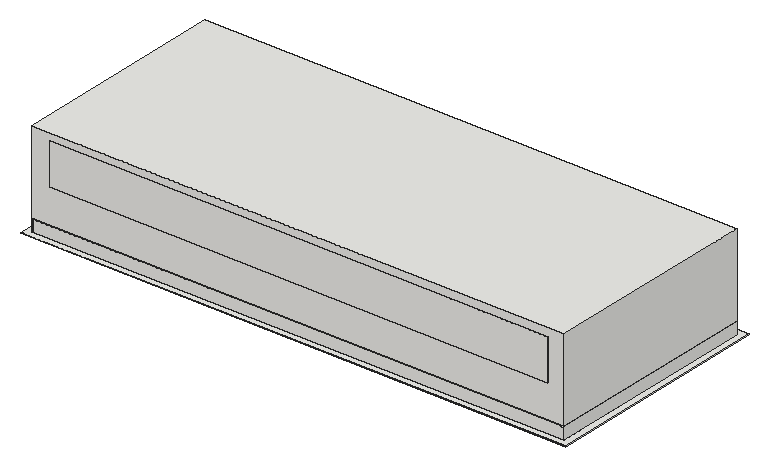
Revit family "AIRTECNICS_AIR CURTAIN_RECESSED WINDBOX BB_ELECTRICAL HEATED (E)_00", category Mechanical Equipment, Revit 2016
Family settings
  Part Type = Normal
  Round Connector Dimension = Use Diameter
  OmniClass Number = 23.75.70.21.17
  OmniClass Title = Air Curtains
  Work Plane-Based = No
  Always vertical = Yes
  Cut with Voids When Loaded = No
  Shared = No
  Room Calculation Point = No
Parameters (values of type "WINDBOX RBB 2000 E")
  · OTHERS · [instance] = "-/ Select Supports - Inst.Maint. Space /-"  # constant formula
  · HEATING · [instance] = "-/ Select Heating /-"  # constant formula
  Weight [instance] = size_lookup(Name_Lookup_Data, "Weight", 1.00 kg, CT)  # 121.00 kg
  Voltage [instance] = 400 V  # constant formula
  URL_Manufacturer = "https://www.airtecnics.com"
  URL_Datasheet = "https://www.airtecnics.com/download/file/5184/recessed-windbox-bb.pdf"
  Supports Length [instance] = 500.0 mm
  Supports (Horizontal) [instance] = no
  Revit Version = "Revit 2016 - English"  # constant formula
  Review Date = "12/18"  # constant formula
  Remote Control = "-"  # constant formula
  Product Size = if(CT = 2, "1000", if(CT = 4, "1500", if(CT = 8, "2000", if(CT = 16, "2500", if(CT = 32, "3000", "Consult Manufacturer")))))  # "2000"
  Product Reference [instance] = size_lookup(Name_Lookup_Ref, "", "Consult Manufacturer", CT)  # "RBB 2000 E"
  Product Heating [instance] = if(CE = 0, "E Standard", if(CE = 2, "E Limited 1/3", if(CE = 4, "E Limited 2/3", "Consult Manufacturer")))  # "E Standard"
  Product Description [instance] = size_lookup(Name_Lookup_Data, "", "Consult Manufacturer", CT)  # "Self-supporting casing construction made of galvanized steel plate, ready to be installed recessed in a false ceiling. \r\nInlet grille (free of maintenance) made with aluminium profiles and blow-out nozzle, integrated in a single white frame colour RAL 9016. Other colours are available on request. \r\nAnodized aluminium outlet vanes, airfoil shaped, adjustable in both directions.\r\nEC Double-inlet centrifugal fans driven by an external rotor motor and low noise level, with very low consumption efficency fans.\r\n“E” type with electrical shielded elements, three stages with integrated regulation. \r\nIncludes Clever control (programmable, automatic, intelligent, energy saving, Modbus RTU for BMS…)\r\nAir Volume: 8040 m3/h \r\nFans:  1,746 kW  7,74 A 230Vx1 50/60Hz\r\nHeating power: 12/30/42 kW (400Vx3)\r\nDimensions: 860x360x2050 mm (depth, height, length)"
  Power Fans Factor [instance] = size_lookup(Name_Lookup_Data, "Power Fans Factor", 1, CT)  # 0.98
  Power Fans [instance] = size_lookup(Name_Lookup_Data, "Power Fans", 1 kW, CT)  # 1.746 kW
  Power Factor [instance] = 1  # constant formula
  Noise Level (dB(A)) [instance] = size_lookup(Name_Lookup_Data, "Noise Level (dB(A))", 1, CT)  # 68
  Name_Lookup_Ref = "R_WINDBOX BB_(E)_Ref_Lookup"  # constant formula
  Name_Lookup_Electrical = "R_WINDBOX BB_(E)_Electrical_Lookup"  # constant formula
  Name_Lookup_Data = "R_WINDBOX BB_(E)_Data_Lookup"  # constant formula
  Material Inlet Grille [instance] = AIRTECNICS_White RAL 9016
  Material Curtain [instance] = AIRTECNICS_White RAL 9016
  Length = if(CT = 2, 1050.0 mm, if(CT = 4, 1550.0 mm, if(CT = 8, 2050.0 mm, if(CT = 16, 2550.0 mm, L + 50.0 mm))))  # 2050.0 mm
  IfcExportType = "ELECTRICHEATINGCOIL"  # constant formula
  IfcExportAs = "IfcCoilType"  # constant formula
  Height = 360.0 mm  # constant formula
  Frequency = 50 Hz  # constant formula
  Fans Stage = 5  # constant formula
  Family Version = "1.0"  # constant formula
  Electrical Heating Capacity (kW) [instance] = size_lookup(Name_Lookup_Electrical, "", "Consult Manufacturer", CT, CE)  # "12/30/42"
  Electrical + Current Fans [instance] = size_lookup(Name_Lookup_Data, "Electrical + Current Fans", 1 A, CT)  # 68.43 A
  E Standard [instance] = if(CE = 0, 1 = 1, 1 = 0)  # yes
  E Limited 2/3 [instance] = no
  E Limited 1/3 [instance] = no
  Depth = 860.0 mm  # constant formula
  Current Fans [instance] = size_lookup(Name_Lookup_Data, "Current Fans", 1 A, CT)  # 7.74 A
  Created by = "BIMETRICAL"  # constant formula
  Control [instance] = "Clever Kit"  # constant formula
  Cable = "CB10"  # constant formula
  URL = "https://www.airtecnics.com/products/air-curtain-recessed-windbox-bb"
  Model = "Air curtain Recesssed Windbox BB E"  # constant formula
  L = 2000.0 mm
  Type Image = <None>
  Manufacturer = "AIRTECNICS"  # constant formula
  Description = ""
  Type Comments = "Self-supporting casing construction made of galvanized steel plate, ready to be installed recessed in a false ceiling. \r\nInlet grille (free of maintenance) made with aluminium profiles and blow-out nozzle, integrated in a single white frame colour RAL 9016. Other colours are available on request. \r\nAnodized aluminium outlet vanes, airfoil shaped, adjustable in both directions.\r\nEC Double-inlet centrifugal fans driven by an external rotor motor and low noise level, with very low consumption efficency fans.\r\n“P” type with water heated coil. “E” type with electrical shielded elements, three stages with integrated regulation. “A” type without heating, air only. Optional expansion DX coil.\r\nIncludes Clever control (programmable, automatic, intelligent, energy saving, Modbus RTU for BMS…)"  # constant formula
  CT = if(L = 1000.0 mm, 2, 0) + if(L = 1500.0 mm, 4, 0) + if(L = 2000.0 mm, 8, 0) + if(L = 2500.0 mm, 16, 0) + if(L = 3000.0 mm, 32, 0)  # 8
  CE [instance] = if([E Limited 1/3], 2, 0) + if([E Limited 2/3], 4, 0)  # 0
  BIMETRICAL Category = "Coil"  # constant formula
  BIMETRICAL = "http://www.bimetrical.com/"  # constant formula
  Aspiration/Maintenance Space [instance] = no
  Airflow [instance] = size_lookup(Name_Lookup_Data, "Airflow", 1 m³/h, CT)  # 8040 m³/h
  3rd Phase [instance] = size_lookup(Name_Lookup_Data, "3rd Phase", 1 VA, CT)  # 14000 VA
  2nd Phase [instance] = size_lookup(Name_Lookup_Data, "2nd Phase", 1 VA, CT)  # 14000 VA
  1st Phase [instance] = size_lookup(Name_Lookup_Data, "1st Phase", 1 VA, CT)  # 15746 VA
Reference planes
  plane 1 "Centro (Frontal/Posterior)": z = 0
  plane 2: y = 246.57
  plane 3 "Centro (Izquierda/Derecha)": x = 0
Nested families
  nested 1: "GEOM_RECESSED WINDBOX BB (A-E)" at (0, 175, 48), L <- "L", Support Length <- "Supports Length", Aspiration/Maintenance Space <- "Aspiration/Maintenance Space", Material Curtain <- "Material Curtain", Material Inlet Grille <- "Material Inlet Grille", ViHS <- "Supports (Horizontal)", CT <- "CT", type "Air curtain Recessed Windbox BB (A-E)"
    with ViHSC no, ViHS no, Vi2 no, Vi1 yes, TI 9, Support Length 500.0 mm, Material Inlet Grille AIRTECNICS_White RAL 9016, Material Curtain AIRTECNICS_White RAL 9016, LiS 810.0 mm, Li6 810.0 mm, Li17 64.5 mm, Li16 10.0 mm, Li15 10.0 mm, L 2000.0 mm, CT 8, Aspiration/Maintenance Space no
Connectors
  electrical at (859, 555.57, 358), driven by "Voltage", driven by "Power Factor", driven by "1st Phase", driven by "2nd Phase", driven by "3rd Phase"
    settings: on nested 1, index 1, voltage 400 V, apparent load 0 VA, apparent load phase1 15746 VA, apparent load phase2 14000 VA, apparent load phase3 14000 VA, power factor 1, load classification "HVAC", number of poles 3, system type 31, power factor state 1, is connector primary yes, connector utility no, sub classification motor no, connector description ""
Definition of nested family "GEOM_RECESSED WINDBOX BB (A-E)"
  Parameters (values of type "Air curtain Recessed Windbox BB (A-E)")
    ViHSC [instance] = if(and(ViHS, L > 1000.0 mm), 1 = 1, 1 = 0)  # no
    Vi2 [instance] = if(L = 2500.0 mm, 1 = 1, 1 = 0)  # yes
    Vi1 [instance] = not(Vi2)  # no
    TI [instance] = if(L = 1000.0 mm, 5, if(L = 1500.0 mm, 7, if(L = 2000.0 mm, 9, if(L = 2500.0 mm, 11, L / 200.0 mm))))  # 11
    Material Outlet Grille = none
    Material II = none
    Material I = none
    Material Inlet Grille [instance] = none
    Material = none
    Li17 [instance] = if(or(CT = 2, CT = 16), 59.5 mm, if(or(CT = 4, CT = 32), 62.0 mm, 64.5 mm))  # 59.5 mm
    Li16 [instance] = 10.0 mm  # constant formula
    Li15 [instance] = 10.0 mm  # constant formula
    CT [instance] = 16
    ViHS [instance] = no
    Support Length [instance] = 500.0 mm
    LiS [instance] = Support Length + 310.0 mm  # 810.0 mm
    Revit Version = "Revit 2016 - English"  # constant formula
    Review Date = "12/18"  # constant formula
    Material Curtain [instance] = none
    Li6 [instance] = Depth  # 810.0 mm
    Family Version = "1.0"  # constant formula
    Depth = 810.0 mm  # constant formula
    Default Elevation = 1219.2 mm
    Created by = "BIMETRICAL"  # constant formula
    URL = "https://www.airtecnics.com/products/air-curtain-recessed-windbox-bb"
    Model = "Air curtain Recessed Windbox BB"  # constant formula
    L [instance] = 2500.0 mm
    Type Image = (empty or 0)
    Manufacturer = "AIRTECNICS"  # constant formula
    Description = "AIRTECNICS_Air curtain Recessed Windbox BB"  # constant formula
    Type Comments = ""
    BIMETRICAL Category = "Fan"  # constant formula
    BIMETRICAL = "http://www.bimetrical.com/"  # constant formula
    Aspiration/Maintenance Space [instance] = no
  Reference planes
    plane 1 "Centro (Frontal/Posterior)": z = 0
    plane 2: y = 226.57
    plane 3 "Centro (Izquierda/Derecha)": x = 0
    plane 4: z = 310
    plane 5: y = 476.57
    plane 6: y = -23.43
    plane 7: x = -1250
    plane 8: x = 1250
    plane 9: x = -1210
    plane 10: x = 1210
    plane 11: y = 442.57
    plane 12: y = 105.57
    plane 13: y = -313.43
    plane 14: y = -333.43
    plane 15: y = 501.57
    plane 16: x = 1275
    plane 17: y = -358.43
    plane 18: z = -48
    plane 19: z = -50
    plane 20: x = 1248
    plane 21: x = -1248
    plane 22: x = -418.5
    plane 23: x = 418.5
    plane 24: x = -1203.5
    plane 25: x = 1203.5
    plane 26: x = -962.8
    plane 27: x = -722.1
    plane 28: x = -481.4
    plane 29: z = -250
    plane 30: y = -331.454
    plane 31: y = -49.53
    plane 32: x = 1335
    plane 33: x = -1425
    plane 34: x = -240.7
    plane 35: x = 0
    plane 36: x = 240.7
    plane 37: x = 481.4
    plane 38: x = 722.1
    plane 39: x = 962.8
    plane 40: x = -1190.5
    plane 41: x = 1190.5
  Forms (mm)
    Extrusion 1, solid, material <- "Material Inlet Grille"
      sketch origin (0, 0, -50) x (1, 0, 0) y (0, 1, 0)
        loop
          line (-1250, 476.57) -> (-1250, -333.43) -> (1250, -333.43) -> (1250, 476.57) -> (-1250, 476.57)
      from 0 to 50
    Extrusion 2, void, detail levels medium+fine
      sketch origin (0, 0, -50) x (1, 0, 0) y (0, 1, 0)
        loop
          line (-1249, 474.57) -> (-1249, 387.47) -> (1249, 387.47) -> (1249, 474.57) -> (-1249, 474.57)
      from 0 to 46
    Extrusion 3, solid, material <- "Material Curtain", not visible
      sketch origin (559.734, 0, 50) x (1, 0, 0) y (0, 1, 0)
        loop
          line (613.266, 405.57) -> (485.266, 405.57) -> (485.266, 355.57) -> (613.266, 355.57) -> (613.266, 405.57)
      from 260 to 259
    Extrusion 4, solid, visible <- "ViHS"
      sketch origin (0, 0, 0) x (1, 0, 0) y (0, 1, 0)
        loop
          circle (-1210, 442.57) r 3.375
      from 310 to 810 <- "LiS"
    Extrusion 5, solid, visible <- "ViHSC"
      sketch origin (1185, 0, 0) x (1, 0, 0) y (0, 1, 0)
        loop
          circle (-1185, 442.57) r 3.375
      from 310 to 810 <- "LiS"
    Extrusion 6, solid, visible <- "ViHS"
      sketch origin (2385, 0, 0) x (1, 0, 0) y (0, 1, 0)
        loop
          circle (-1175, 442.57) r 3.375
      from 310 to 810 <- "LiS"
    Extrusion 7, solid, visible <- "ViHSC"
      sketch origin (1185, -240, 0) x (1, 0, 0) y (0, 1, 0)
        loop
          circle (-1185, 345.57) r 3.375
      from 310 to 810 <- "LiS"
    Extrusion 8, solid, visible <- "ViHS"
      sketch origin (2344.293, -280.483, 0) x (1, 0, 0) y (0, 1, 0)
        loop
          circle (-1134.293, 386.053) r 3.375
      from 310 to 810 <- "LiS"
    Extrusion 9, solid, visible <- "ViHS"
      sketch origin (9.293, -280.483, 0) x (1, 0, 0) y (0, 1, 0)
        loop
          circle (-1219.293, 386.053) r 3.375
      from 310 to 810 <- "LiS"
    Extrusion 10, solid, visible <- "Aspiration/Maintenance Space"
      sketch origin (0, 0, -50) x (1, 0, 0) y (0, 1, 0)
        loop
          line (-1250, 476.57) -> (-1250, -333.43) -> (1250, -333.43) -> (1250, 476.57) -> (-1250, 476.57)
      from 360 to 460
    Extrusion 11, solid, visible <- "Aspiration/Maintenance Space"
      sketch origin (230, 226.57, 5) x (1, 0, 0) y (0, 0, 1)
        loop
          line (1020, 305) -> (1020, -53) -> (1030, -53) -> (1030, 305) -> (1020, 305)
      from -250 to 560
    Extrusion 12, solid, visible <- "Aspiration/Maintenance Space"
      sketch origin (-2520, 226.57, 5) x (1, 0, 0) y (0, 0, 1)
        loop
          line (1260, 305) -> (1260, -53) -> (1270, -53) -> (1270, 305) -> (1260, 305)
      from -250 to 560
    Extrusion 13, solid, visible <- "ViHSC"
      sketch origin (1185, -609, 0) x (1, 0, 0) y (0, 1, 0)
        loop
          circle (-1185, 295.57) r 3.375
      from 310 to 810 <- "LiS"
    Extrusion 14, solid, visible <- "ViHS"
      sketch origin (2344.293, -649.483, 0) x (1, 0, 0) y (0, 1, 0)
        loop
          circle (-1134.293, 336.053) r 3.375
      from 310 to 810 <- "LiS"
    Extrusion 15, solid, visible <- "ViHS"
      sketch origin (9.293, -649.483, 0) x (1, 0, 0) y (0, 1, 0)
        loop
          circle (-1219.293, 336.053) r 3.375
      from 310 to 810 <- "LiS"
    Extrusion 16, solid, material <- "Material Inlet Grille"
      sketch origin (-54.078, -166.435, -50) x (1, 0, 0) y (0, 1, 0)
        loop
          line (-1220.922, -191.996) -> (1329.078, -191.996) -> (1329.078, 668.004) -> (-1220.922, 668.004) -> (-1220.922, -191.996)
        loop
          line (-1195.922, -166.996) -> (1304.078, -166.996) -> (1304.078, 643.004) -> (-1195.922, 643.004) -> (-1195.922, -166.996)
      from 0 to 2
    Sweep 17, void
      path origin (0, 0, -50) x (1, 0, 0) y (0, 1, 0)
        loop
          line (-1250, 476.57) -> (-1250, -333.43) -> (1250, -333.43) -> (1250, 476.57) -> (-1250, 476.57)
      profile origin (0, 476.57, -50) x (0, 1, 0) y (0, 0, 1)
        loop
          line (0, 46) -> (0, 50) -> (-4, 50)
          arc (-4, 50) -> (-1.172, 48.828) -> (0, 46) r 4
    Extrusion 18, solid, material <- "Material Outlet Grille"
      sketch origin (0, 0, 0) x (0, 1, 0) y (0, 0, 1)
        loop
          line (452.413, -27.506) -> (455.591, -46.036)
          arc (455.591, -46.036) -> (457.07, -47.282) -> (458.548, -46.036) r 1.5
          line (458.548, -46.036) -> (461.726, -27.506)
          arc (461.726, -27.506) -> (457.07, -21.982) -> (452.413, -27.506) r 4.725
        loop
          arc (429.342, -46.036) -> (430.82, -47.282) -> (432.299, -46.036) r 1.5
          line (432.299, -46.036) -> (435.477, -27.506)
          arc (435.477, -27.506) -> (430.82, -21.982) -> (426.163, -27.506) r 4.725
          line (426.163, -27.506) -> (429.342, -46.036)
        loop
          arc (409.976, -27.506) -> (405.319, -21.982) -> (400.662, -27.506) r 4.725
          line (400.662, -27.506) -> (403.84, -46.036)
          arc (403.84, -46.036) -> (405.319, -47.282) -> (406.797, -46.036) r 1.5
          line (406.797, -46.036) -> (409.976, -27.506)
      from -1248 to 1248
    Extrusion 19, void, detail levels medium+fine
      sketch origin (0, -484.3, -50) x (1, 0, 0) y (0, 1, 0)
        loop
          line (-1249, 434.77) -> (-1249, 152.846) -> (1249, 152.846) -> (1249, 434.77) -> (-1249, 434.77)
      from 0 to 46
    Extrusion 20, solid, material <- "Material Curtain"
      sketch origin (0, 0, -50) x (1, 0, 0) y (0, 1, 0)
        loop
          line (-1250, 476.57) -> (-1250, -333.43) -> (1250, -333.43) -> (1250, 476.57) -> (-1250, 476.57)
      from 50 to 360
    Extrusion 21, solid, material <- "Material II", visible <- "Vi1"
      sketch origin (0, 0, 0) x (0, 1, 0) y (0, 0, 1)
        loop
          line (474.57, -4) -> (400.57, -4) -> (400.57, -47.504) -> (474.57, -47.504) -> (474.57, -4)
      from -7.5 to 7.5
    Extrusion 22, solid, material <- "Material I"
      sketch origin (1191.816, 0, 0) x (0, 1, 0) y (0, 0, 1)
        loop
          arc (402.126, -44.927) -> (403.13, -46.77) -> (405.096, -47.504) r 3
          line (405.096, -47.504) -> (431.043, -47.504)
          arc (431.043, -47.504) -> (433.022, -46.759) -> (434.017, -44.893) r 3
          line (434.017, -44.893) -> (437.046, -21.725)
          arc (437.046, -21.725) -> (436.086, -18.568) -> (433.08, -17.207) r 4
          line (433.08, -17.207) -> (403.059, -17.207)
          arc (403.059, -17.207) -> (400.04, -18.583) -> (399.098, -21.764) r 4
          line (399.098, -21.764) -> (402.126, -44.927)
      from 53.181 to 56.184
    Extrusion 23, solid, material <- "Material I", visible <- "Vi1"
      sketch origin (-45.681, 0, 0) x (0, 1, 0) y (0, 0, 1)
        loop
          arc (402.126, -44.927) -> (403.13, -46.77) -> (405.096, -47.504) r 3
          line (405.096, -47.504) -> (431.043, -47.504)
          arc (431.043, -47.504) -> (433.022, -46.759) -> (434.017, -44.893) r 3
          line (434.017, -44.893) -> (437.046, -21.725)
          arc (437.046, -21.725) -> (436.086, -18.568) -> (433.08, -17.207) r 4
          line (433.08, -17.207) -> (403.059, -17.207)
          arc (403.059, -17.207) -> (400.04, -18.583) -> (399.098, -21.764) r 4
          line (399.098, -21.764) -> (402.126, -44.927)
      from 53.181 to 56.184
    Extrusion 24, solid, material <- "Material I", visible <- "Vi1"
      sketch origin (-63.684, 0, 0) x (0, 1, 0) y (0, 0, 1)
        loop
          arc (402.126, -44.927) -> (403.13, -46.77) -> (405.096, -47.504) r 3
          line (405.096, -47.504) -> (431.043, -47.504)
          arc (431.043, -47.504) -> (433.022, -46.759) -> (434.017, -44.893) r 3
          line (434.017, -44.893) -> (437.046, -21.725)
          arc (437.046, -21.725) -> (436.086, -18.568) -> (433.08, -17.207) r 4
          line (433.08, -17.207) -> (403.059, -17.207)
          arc (403.059, -17.207) -> (400.04, -18.583) -> (399.098, -21.764) r 4
          line (399.098, -21.764) -> (402.126, -44.927)
      from 53.181 to 56.184
    Extrusion 25, solid, material <- "Material II", visible <- "Vi2", not visible
      sketch origin (0, 0, 0) x (0, 1, 0) y (0, 0, 1)
        loop
          line (474.57, -4) -> (400.57, -4) -> (400.57, -47.504) -> (474.57, -47.504) -> (474.57, -4)
      from -7.5 to 7.5
    Extrusion 26, solid, material <- "Material I", visible <- "Vi2", not visible
      sketch origin (-45.681, 0, 0) x (0, 1, 0) y (0, 0, 1)
        loop
          arc (402.126, -44.927) -> (403.13, -46.77) -> (405.096, -47.504) r 3
          line (405.096, -47.504) -> (431.043, -47.504)
          arc (431.043, -47.504) -> (433.022, -46.759) -> (434.017, -44.893) r 3
          line (434.017, -44.893) -> (437.046, -21.725)
          arc (437.046, -21.725) -> (436.086, -18.568) -> (433.08, -17.207) r 4
          line (433.08, -17.207) -> (403.059, -17.207)
          arc (403.059, -17.207) -> (400.04, -18.583) -> (399.098, -21.764) r 4
          line (399.098, -21.764) -> (402.126, -44.927)
      from 53.181 to 56.184
    Extrusion 27, solid, material <- "Material I", visible <- "Vi2", not visible
      sketch origin (-63.684, 0, 0) x (0, 1, 0) y (0, 0, 1)
        loop
          arc (402.126, -44.927) -> (403.13, -46.77) -> (405.096, -47.504) r 3
          line (405.096, -47.504) -> (431.043, -47.504)
          arc (431.043, -47.504) -> (433.022, -46.759) -> (434.017, -44.893) r 3
          line (434.017, -44.893) -> (437.046, -21.725)
          arc (437.046, -21.725) -> (436.086, -18.568) -> (433.08, -17.207) r 4
          line (433.08, -17.207) -> (403.059, -17.207)
          arc (403.059, -17.207) -> (400.04, -18.583) -> (399.098, -21.764) r 4
          line (399.098, -21.764) -> (402.126, -44.927)
      from 53.181 to 56.184
    Extrusion 28, solid, material <- "Material II", visible <- "Vi2"
      sketch origin (418.5, 0, 0) x (0, 1, 0) y (0, 0, 1)
        loop
          line (474.57, -4) -> (400.57, -4) -> (400.57, -47.504) -> (474.57, -47.504) -> (474.57, -4)
      from -7.5 to 7.5
    Extrusion 29, solid, material <- "Material I", visible <- "Vi2"
      sketch origin (372.819, 0, 0) x (0, 1, 0) y (0, 0, 1)
        loop
          arc (402.126, -44.927) -> (403.13, -46.77) -> (405.096, -47.504) r 3
          line (405.096, -47.504) -> (431.043, -47.504)
          arc (431.043, -47.504) -> (433.022, -46.759) -> (434.017, -44.893) r 3
          line (434.017, -44.893) -> (437.046, -21.725)
          arc (437.046, -21.725) -> (436.086, -18.568) -> (433.08, -17.207) r 4
          line (433.08, -17.207) -> (403.059, -17.207)
          arc (403.059, -17.207) -> (400.04, -18.583) -> (399.098, -21.764) r 4
          line (399.098, -21.764) -> (402.126, -44.927)
      from 53.181 to 56.184
    Extrusion 30, solid, material <- "Material I", visible <- "Vi2"
      sketch origin (354.816, 0, 0) x (0, 1, 0) y (0, 0, 1)
        loop
          arc (402.126, -44.927) -> (403.13, -46.77) -> (405.096, -47.504) r 3
          line (405.096, -47.504) -> (431.043, -47.504)
          arc (431.043, -47.504) -> (433.022, -46.759) -> (434.017, -44.893) r 3
          line (434.017, -44.893) -> (437.046, -21.725)
          arc (437.046, -21.725) -> (436.086, -18.568) -> (433.08, -17.207) r 4
          line (433.08, -17.207) -> (403.059, -17.207)
          arc (403.059, -17.207) -> (400.04, -18.583) -> (399.098, -21.764) r 4
          line (399.098, -21.764) -> (402.126, -44.927)
      from 53.181 to 56.184
    Extrusion 31, solid, visible <- "Vi1", not visible
      sketch origin (1185, 0, 0) x (1, 0, 0) y (0, 1, 0)
        loop
          circle (-1185, 442.57) r 3.375
      from 260 to 810 <- "LiS"
    Extrusion 32, solid, material <- "Material II", visible <- "Vi1", not visible
      sketch origin (0, 0, 0) x (0, 1, 0) y (0, 0, 1)
        loop
          line (474.57, -4) -> (400.57, -4) -> (400.57, -47.504) -> (474.57, -47.504) -> (474.57, -4)
      from -7.5 to 7.5
    Extrusion 33, solid, material <- "Material I", visible <- "Vi1", not visible
      sketch origin (-45.681, 0, 0) x (0, 1, 0) y (0, 0, 1)
        loop
          arc (402.126, -44.927) -> (403.13, -46.77) -> (405.096, -47.504) r 3
          line (405.096, -47.504) -> (431.043, -47.504)
          arc (431.043, -47.504) -> (433.022, -46.759) -> (434.017, -44.893) r 3
          line (434.017, -44.893) -> (437.046, -21.725)
          arc (437.046, -21.725) -> (436.086, -18.568) -> (433.08, -17.207) r 4
          line (433.08, -17.207) -> (403.059, -17.207)
          arc (403.059, -17.207) -> (400.04, -18.583) -> (399.098, -21.764) r 4
          line (399.098, -21.764) -> (402.126, -44.927)
      from 53.181 to 56.184
    Extrusion 34, solid, material <- "Material I", visible <- "Vi1", not visible
      sketch origin (-63.684, 0, 0) x (0, 1, 0) y (0, 0, 1)
        loop
          arc (402.126, -44.927) -> (403.13, -46.77) -> (405.096, -47.504) r 3
          line (405.096, -47.504) -> (431.043, -47.504)
          arc (431.043, -47.504) -> (433.022, -46.759) -> (434.017, -44.893) r 3
          line (434.017, -44.893) -> (437.046, -21.725)
          arc (437.046, -21.725) -> (436.086, -18.568) -> (433.08, -17.207) r 4
          line (433.08, -17.207) -> (403.059, -17.207)
          arc (403.059, -17.207) -> (400.04, -18.583) -> (399.098, -21.764) r 4
          line (399.098, -21.764) -> (402.126, -44.927)
      from 53.181 to 56.184
    Extrusion 35, solid, material <- "Material II", visible <- "Vi2"
      sketch origin (-418.5, 0, 0) x (0, 1, 0) y (0, 0, 1)
        loop
          line (474.57, -4) -> (400.57, -4) -> (400.57, -47.504) -> (474.57, -47.504) -> (474.57, -4)
      from -7.5 to 7.5
    Extrusion 36, solid, material <- "Material I", visible <- "Vi2"
      sketch origin (-464.181, 0, 0) x (0, 1, 0) y (0, 0, 1)
        loop
          arc (402.126, -44.927) -> (403.13, -46.77) -> (405.096, -47.504) r 3
          line (405.096, -47.504) -> (431.043, -47.504)
          arc (431.043, -47.504) -> (433.022, -46.759) -> (434.017, -44.893) r 3
          line (434.017, -44.893) -> (437.046, -21.725)
          arc (437.046, -21.725) -> (436.086, -18.568) -> (433.08, -17.207) r 4
          line (433.08, -17.207) -> (403.059, -17.207)
          arc (403.059, -17.207) -> (400.04, -18.583) -> (399.098, -21.764) r 4
          line (399.098, -21.764) -> (402.126, -44.927)
      from 53.181 to 56.184
    Extrusion 37, solid, material <- "Material I", visible <- "Vi2"
      sketch origin (-482.184, 0, 0) x (0, 1, 0) y (0, 0, 1)
        loop
          arc (402.126, -44.927) -> (403.13, -46.77) -> (405.096, -47.504) r 3
          line (405.096, -47.504) -> (431.043, -47.504)
          arc (431.043, -47.504) -> (433.022, -46.759) -> (434.017, -44.893) r 3
          line (434.017, -44.893) -> (437.046, -21.725)
          arc (437.046, -21.725) -> (436.086, -18.568) -> (433.08, -17.207) r 4
          line (433.08, -17.207) -> (403.059, -17.207)
          arc (403.059, -17.207) -> (400.04, -18.583) -> (399.098, -21.764) r 4
          line (399.098, -21.764) -> (402.126, -44.927)
      from 53.181 to 56.184
    Extrusion 38, solid, material <- "Material Outlet Grille"
      sketch origin (0, -232.43, -85.237) x (1, 0, 0) y (0, 0, 1)
        loop
          circle (-1203.5, 56.137) r 4
      from -220 to 95
    Extrusion 39, solid, material <- "Material Outlet Grille"
      sketch origin (2407, -232.43, -85.237) x (1, 0, 0) y (0, 0, 1)
        loop
          circle (-1203.5, 56.137) r 4
      from -220 to 95
    Extrusion 40, solid, material <- "Material Outlet Grille"
      sketch origin (240.7, -232.43, -85.237) x (1, 0, 0) y (0, 0, 1)
        loop
          circle (-1203.5, 56.137) r 4
      from -220 to 95
    Extrusion 41, solid, material <- "Material Outlet Grille"
      sketch origin (481.4, -232.43, -85.237) x (1, 0, 0) y (0, 0, 1)
        loop
          circle (-1203.5, 56.137) r 4
      from -220 to 95
    Extrusion 42, solid, material <- "Material Outlet Grille"
      sketch origin (722.1, -232.43, -85.237) x (1, 0, 0) y (0, 0, 1)
        loop
          circle (-1203.5, 56.137) r 4
      from -220 to 95
    Extrusion 43, solid, material <- "Material I"
      sketch origin (-1301.181, 0, 0) x (0, 1, 0) y (0, 0, 1)
        loop
          arc (402.126, -44.927) -> (403.13, -46.77) -> (405.096, -47.504) r 3
          line (405.096, -47.504) -> (431.043, -47.504)
          arc (431.043, -47.504) -> (433.022, -46.759) -> (434.017, -44.893) r 3
          line (434.017, -44.893) -> (437.046, -21.725)
          arc (437.046, -21.725) -> (436.086, -18.568) -> (433.08, -17.207) r 4
          line (433.08, -17.207) -> (403.059, -17.207)
          arc (403.059, -17.207) -> (400.04, -18.583) -> (399.098, -21.764) r 4
          line (399.098, -21.764) -> (402.126, -44.927)
      from 53.181 to 56.184
    Extrusion 44, solid, material <- "Material Inlet Grille"
      sketch origin (0, -150, 0) x (0, 1, 0) y (0, 0, 1)
        loop
          line (96.77, -33.656) -> (82.009, -45.189)
          arc (82.009, -45.189) -> (78.063, -47.263) -> (73.64, -47.821) r 12.5
          line (73.64, -47.821) -> (73.57, -49.119)
          arc (73.57, -49.119) -> (78.453, -48.503) -> (82.809, -46.213) r 13.8
          line (82.809, -46.213) -> (97.57, -34.681)
          arc (97.57, -34.681) -> (98.306, -33.772) -> (98.57, -32.632) r 2.6
          line (98.57, -32.632) -> (98.57, -23.9) -> (97.27, -23.9) -> (97.27, -32.632)
          arc (97.27, -32.632) -> (97.138, -33.202) -> (96.77, -33.656) r 1.3
        loop
          line (71.77, -33.656) -> (57.009, -45.189)
          arc (57.009, -45.189) -> (53.063, -47.263) -> (48.64, -47.821) r 12.5
          line (48.64, -47.821) -> (48.57, -49.119)
          arc (48.57, -49.119) -> (53.453, -48.503) -> (57.809, -46.213) r 13.8
          line (57.809, -46.213) -> (72.57, -34.681)
          arc (72.57, -34.681) -> (73.306, -33.772) -> (73.57, -32.632) r 2.6
          line (73.57, -32.632) -> (73.57, -23.9) -> (72.27, -23.9) -> (72.27, -32.632)
          arc (72.27, -32.632) -> (72.138, -33.202) -> (71.77, -33.656) r 1.3
        loop
          line (48.97, -33.656) -> (34.209, -45.189)
          arc (34.209, -45.189) -> (30.263, -47.263) -> (25.84, -47.821) r 12.5
          line (25.84, -47.821) -> (25.77, -49.119)
          arc (25.77, -49.119) -> (30.653, -48.503) -> (35.009, -46.213) r 13.8
          line (35.009, -46.213) -> (49.77, -34.681)
          arc (49.77, -34.681) -> (50.506, -33.772) -> (50.77, -32.632) r 2.6
          line (50.77, -32.632) -> (50.77, -23.9) -> (49.47, -23.9) -> (49.47, -32.632)
          arc (49.47, -32.632) -> (49.338, -33.202) -> (48.97, -33.656) r 1.3
        loop
          line (26.17, -33.656) -> (11.409, -45.189)
          arc (11.409, -45.189) -> (7.463, -47.263) -> (3.04, -47.821) r 12.5
          line (3.04, -47.821) -> (2.97, -49.119)
          arc (2.97, -49.119) -> (7.853, -48.503) -> (12.209, -46.213) r 13.8
          line (12.209, -46.213) -> (26.97, -34.681)
          arc (26.97, -34.681) -> (27.706, -33.772) -> (27.97, -32.632) r 2.6
          line (27.97, -32.632) -> (27.97, -23.9) -> (26.67, -23.9) -> (26.67, -32.632)
          arc (26.67, -32.632) -> (26.538, -33.202) -> (26.17, -33.656) r 1.3
        loop
          line (3.37, -33.656) -> (-11.391, -45.189)
          arc (-11.391, -45.189) -> (-15.337, -47.263) -> (-19.76, -47.821) r 12.5
          line (-19.76, -47.821) -> (-19.83, -49.119)
          arc (-19.83, -49.119) -> (-14.947, -48.503) -> (-10.591, -46.213) r 13.8
          line (-10.591, -46.213) -> (4.17, -34.681)
          arc (4.17, -34.681) -> (4.906, -33.772) -> (5.17, -32.632) r 2.6
          line (5.17, -32.632) -> (5.17, -23.9) -> (3.87, -23.9) -> (3.87, -32.632)
          arc (3.87, -32.632) -> (3.738, -33.202) -> (3.37, -33.656) r 1.3
        loop
          line (-19.43, -33.656) -> (-34.191, -45.189)
          arc (-34.191, -45.189) -> (-38.137, -47.263) -> (-42.56, -47.821) r 12.5
          line (-42.56, -47.821) -> (-42.63, -49.119)
          arc (-42.63, -49.119) -> (-37.747, -48.503) -> (-33.391, -46.213) r 13.8
          line (-33.391, -46.213) -> (-18.63, -34.681)
          arc (-18.63, -34.681) -> (-17.894, -33.772) -> (-17.63, -32.632) r 2.6
          line (-17.63, -32.632) -> (-17.63, -23.9) -> (-18.93, -23.9) -> (-18.93, -32.632)
          arc (-18.93, -32.632) -> (-19.062, -33.202) -> (-19.43, -33.656) r 1.3
        loop
          line (-42.23, -33.656) -> (-56.991, -45.189)
          arc (-56.991, -45.189) -> (-60.937, -47.263) -> (-65.36, -47.821) r 12.5
          line (-65.36, -47.821) -> (-65.43, -49.119)
          arc (-65.43, -49.119) -> (-60.547, -48.503) -> (-56.191, -46.213) r 13.8
          line (-56.191, -46.213) -> (-41.43, -34.681)
          arc (-41.43, -34.681) -> (-40.694, -33.772) -> (-40.43, -32.632) r 2.6
          line (-40.43, -32.632) -> (-40.43, -23.9) -> (-41.73, -23.9) -> (-41.73, -32.632)
          arc (-41.73, -32.632) -> (-41.862, -33.202) -> (-42.23, -33.656) r 1.3
        loop
          line (-65.03, -33.656) -> (-79.791, -45.189)
          arc (-79.791, -45.189) -> (-83.737, -47.263) -> (-88.16, -47.821) r 12.5
          line (-88.16, -47.821) -> (-88.23, -49.119)
          arc (-88.23, -49.119) -> (-83.347, -48.503) -> (-78.991, -46.213) r 13.8
          line (-78.991, -46.213) -> (-64.23, -34.681)
          arc (-64.23, -34.681) -> (-63.494, -33.772) -> (-63.23, -32.632) r 2.6
          line (-63.23, -32.632) -> (-63.23, -23.9) -> (-64.53, -23.9) -> (-64.53, -32.632)
          arc (-64.53, -32.632) -> (-64.662, -33.202) -> (-65.03, -33.656) r 1.3
        loop
          line (-87.83, -33.656) -> (-102.591, -45.189)
          arc (-102.591, -45.189) -> (-106.537, -47.263) -> (-110.96, -47.821) r 12.5
          line (-110.96, -47.821) -> (-111.03, -49.119)
          arc (-111.03, -49.119) -> (-106.147, -48.503) -> (-101.791, -46.213) r 13.8
          line (-101.791, -46.213) -> (-87.03, -34.681)
          arc (-87.03, -34.681) -> (-86.294, -33.772) -> (-86.03, -32.632) r 2.6
          line (-86.03, -32.632) -> (-86.03, -23.9) -> (-87.33, -23.9) -> (-87.33, -32.632)
          arc (-87.33, -32.632) -> (-87.462, -33.202) -> (-87.83, -33.656) r 1.3
        loop
          line (-110.63, -33.656) -> (-125.391, -45.189)
          arc (-125.391, -45.189) -> (-129.337, -47.263) -> (-133.76, -47.821) r 12.5
          line (-133.76, -47.821) -> (-133.83, -49.119)
          arc (-133.83, -49.119) -> (-128.947, -48.503) -> (-124.591, -46.213) r 13.8
          line (-124.591, -46.213) -> (-109.83, -34.681)
          arc (-109.83, -34.681) -> (-109.094, -33.772) -> (-108.83, -32.632) r 2.6
          line (-108.83, -32.632) -> (-108.83, -23.9) -> (-110.13, -23.9) -> (-110.13, -32.632)
          arc (-110.13, -32.632) -> (-110.262, -33.202) -> (-110.63, -33.656) r 1.3
        loop
          line (-133.43, -33.656) -> (-148.191, -45.189)
          arc (-148.191, -45.189) -> (-152.137, -47.263) -> (-156.56, -47.821) r 12.5
          line (-156.56, -47.821) -> (-156.63, -49.119)
          arc (-156.63, -49.119) -> (-151.747, -48.503) -> (-147.391, -46.213) r 13.8
          line (-147.391, -46.213) -> (-132.63, -34.681)
          arc (-132.63, -34.681) -> (-131.894, -33.772) -> (-131.63, -32.632) r 2.6
          line (-131.63, -32.632) -> (-131.63, -23.9) -> (-132.93, -23.9) -> (-132.93, -32.632)
          arc (-132.93, -32.632) -> (-133.062, -33.202) -> (-133.43, -33.656) r 1.3
        loop
          line (-156.23, -33.656) -> (-170.991, -45.189)
          arc (-170.991, -45.189) -> (-174.937, -47.263) -> (-179.36, -47.821) r 12.5
          line (-179.36, -47.821) -> (-179.43, -49.119)
          arc (-179.43, -49.119) -> (-174.547, -48.503) -> (-170.191, -46.213) r 13.8
          line (-170.191, -46.213) -> (-155.43, -34.681)
          arc (-155.43, -34.681) -> (-154.694, -33.772) -> (-154.43, -32.632) r 2.6
          line (-154.43, -32.632) -> (-154.43, -23.9) -> (-155.73, -23.9) -> (-155.73, -32.632)
          arc (-155.73, -32.632) -> (-155.862, -33.202) -> (-156.23, -33.656) r 1.3
      from -1248 to 1248
    Extrusion 45, solid, visible <- "Aspiration/Maintenance Space"
      sketch origin (0, 0, -590) x (1, 0, 0) y (0, 1, 0)
        loop
          line (-1248, -49.53) -> (-1248, -331.454) -> (1248, -331.454) -> (1248, -49.53) -> (-1248, -49.53)
      from 340 to 540
    Extrusion 46, solid, material <- "Material Outlet Grille"
      sketch origin (962.8, -232.43, -85.237) x (1, 0, 0) y (0, 0, 1)
        loop
          circle (-1203.5, 56.137) r 4
      from -220 to 95
    Extrusion 47, solid, material <- "Material Outlet Grille"
      sketch origin (1203.5, -232.43, -85.237) x (1, 0, 0) y (0, 0, 1)
        loop
          circle (-1203.5, 56.137) r 4
      from -220 to 95
    Extrusion 48, solid, material <- "Material Outlet Grille"
      sketch origin (1444.2, -232.43, -85.237) x (1, 0, 0) y (0, 0, 1)
        loop
          circle (-1203.5, 56.137) r 4
      from -220 to 95
    Extrusion 49, solid, material <- "Material Outlet Grille"
      sketch origin (1684.9, -232.43, -85.237) x (1, 0, 0) y (0, 0, 1)
        loop
          circle (-1203.5, 56.137) r 4
      from -220 to 95
    Extrusion 50, solid, material <- "Material Outlet Grille"
      sketch origin (1925.6, -232.43, -85.237) x (1, 0, 0) y (0, 0, 1)
        loop
          circle (-1203.5, 56.137) r 4
      from -220 to 95
    Extrusion 51, solid, material <- "Material Outlet Grille"
      sketch origin (2166.3, -232.43, -85.237) x (1, 0, 0) y (0, 0, 1)
        loop
          circle (-1203.5, 56.137) r 4
      from -220 to 95
    Extrusion 52, solid, material <- "Material"
      sketch origin (0.072, 226.541, 5) x (1, 0, 0) y (0, 0, 1)
        loop
          line (-1190.572, 275) -> (-1190.572, 120) -> (1190.428, 120) -> (1190.428, 275) -> (-1190.572, 275)
      from 559.2 to 560.1
    Extrusion 53, solid, visible <- "Aspiration/Maintenance Space"
      sketch origin (0.072, 226.541, -45) x (1, 0, 0) y (0, 0, 1)
        loop
          line (-1190.572, 325) -> (-1190.572, 170) -> (1190.428, 170) -> (1190.428, 325) -> (-1190.572, 325)
      from 560.1 to 760.1
  Cuts and joins
    Extrusion 2, Sweep 17, Extrusion 19 cuts Extrusion 1
    Extrusion 19 cuts Extrusion 16
    joined: Extrusion 1, Extrusion 16
  Dimensions and locks
    locked: plane 4 to plane 1 "Centro (Frontal/Posterior)" at 310
    equal spacing: plane 7, plane 3 "Centro (Izquierda/Derecha)", plane 8
    equal spacing: plane 5, plane 2, plane 6
    "L": plane 7 to plane 8
    plane 5 to plane 6 = 500.0 mm
    plane 1 "Centro (Frontal/Posterior)" to cut or joined group of Extrusion 1, Extrusion 2, Extrusion 16, Sweep 17, Extrusion 19 = 4.0 mm
    locked: plane 7 to plane 9 at 40
    locked: plane 10 to plane 8 at 40
    plane 5 to Extrusion 2 sketch curve = 2.0 mm
    Extrusion 2 sketch curve to plane 8 = 1.0 mm
    plane 7 to Extrusion 2 sketch curve = 1.0 mm
    "Li6": plane 5 to Extrusion 1 sketch curve
    Extrusion 3 sketch curve to plane 8 = 77.0 mm
    plane 5 to Extrusion 3 sketch curve = 71.0 mm
    Extrusion 3 sketch curve to Extrusion 3 sketch curve = 50.0 mm
    Extrusion 3 sketch curve to Extrusion 3 sketch curve = 128.0 mm
    locked: plane 5 to plane 11 at 34
    plane 5 to Extrusion 10 sketch curve = 810.0 mm
    locked: Extrusion 10 to plane 4 at 100
    Extrusion 11 sketch curve to Extrusion 11 sketch curve = 358.0 mm
    Extrusion 12 sketch curve to Extrusion 12 sketch curve = 358.0 mm
    "Li16": Extrusion 12 to Extrusion 12
    "Depth": plane 5 to Extrusion 11
    "Depth": plane 5 to Extrusion 12
    locked: plane 12 to plane 13 at 419
    locked: plane 6 to plane 14 at 310
    locked: plane 15 to plane 5 at 25
    locked: plane 8 to plane 16 at 25
    locked: plane 14 to plane 17 at 25
    locked: plane 18 to plane 19 at 2
    locked: plane 18 to plane 1 "Centro (Frontal/Posterior)" at 48
    locked: Extrusion 18 to plane 19 at 3.964
    locked: plane 15 to Extrusion 18 at 97.729
    locked: plane 20 to plane 8 at 2
    locked: plane 7 to plane 21 at 2
    locked: Extrusion 22 to plane 20 at 3.003
    equal spacing: Extrusion 21, plane 3 "Centro (Izquierda/Derecha)", Extrusion 21
    equal spacing: plane 22, plane 3 "Centro (Izquierda/Derecha)", plane 23
    locked: plane 22 to plane 3 "Centro (Izquierda/Derecha)" at 418.5
    locked: plane 22 to Extrusion 35 at 7.5
    locked: plane 23 to Extrusion 28 at 7.5
    equal spacing: group 5, group 7, group 8, group 9, group 10, group 11, group 12, group 13, group 14, group 15, group 6  (x3)
    locked: plane 25 to plane 16 at 71.5
    locked: plane 21 to Extrusion 43 at 3.003
    plane 19 to plane 29 = 200.0 mm
    locked: plane 31 to plane 6 at 26.1
    locked: plane 14 to plane 30 at 1.976
    "Li15": plane 8 to Extrusion 11
    locked: plane 24 to plane 7 at 46.5
    locked: plane 11 to plane 12 at 337
    locked: Extrusion 53 to Extrusion 53 at 200
    Extrusion 52 sketch curve to Extrusion 52 sketch curve to plane 4 = 155.0 mm locked, 30.0 mm locked
    Extrusion 53 sketch curve to Extrusion 53 sketch curve to plane 4 = 155.0 mm locked, 30.0 mm locked
    "Li17": plane 40 to plane 7
    "Li17": plane 8 to plane 41
    radius of Extrusion 4 sketch curve = 3.375 mm
    radius of Extrusion 5 sketch curve = 3.375 mm
    radius of Extrusion 6 sketch curve = 3.375 mm
    radius of Extrusion 7 sketch curve = 3.375 mm
    radius of Extrusion 8 sketch curve = 3.375 mm
    radius of Extrusion 9 sketch curve = 3.375 mm
    radius of Extrusion 13 sketch curve = 3.375 mm
    radius of Extrusion 14 sketch curve = 3.375 mm
    radius of Extrusion 15 sketch curve = 3.375 mm
    radius of Sweep 17 sketch curve = 4.0 mm
    radius of Extrusion 31 sketch curve = 3.375 mm
    radius of Extrusion 38 sketch curve = 4.0 mm
    radius of Extrusion 39 sketch curve = 4.0 mm
    radius of Extrusion 40 sketch curve = 4.0 mm
    radius of Extrusion 41 sketch curve = 4.0 mm
    radius of Extrusion 42 sketch curve = 4.0 mm
    radius of Extrusion 46 sketch curve = 4.0 mm
    radius of Extrusion 47 sketch curve = 4.0 mm
    radius of Extrusion 48 sketch curve = 4.0 mm
    radius of Extrusion 49 sketch curve = 4.0 mm
    radius of Extrusion 50 sketch curve = 4.0 mm
    radius of Extrusion 51 sketch curve = 4.0 mm
    aligned and locked: Extrusion 1 sketch curve to plane 5
    aligned and locked: plane 7 to Extrusion 1 sketch curve
    aligned and locked: plane 8 to Extrusion 1 sketch curve
    aligned and locked: Extrusion 4 to plane 4
    aligned and locked: plane 9 to Extrusion 4 sketch curve
    aligned and locked: plane 10 to Extrusion 6 sketch curve
    aligned and locked: plane 11 to Extrusion 6 sketch curve
    aligned and locked: plane 9 to Extrusion 9 sketch curve
    aligned and locked: plane 12 to Extrusion 9 sketch curve
    aligned and locked: plane 12 to Extrusion 7 sketch curve
    aligned and locked: plane 10 to Extrusion 8 sketch curve
    aligned and locked: plane 12 to Extrusion 8 sketch curve
    aligned and locked: Extrusion 6 to plane 4
    aligned and locked: Extrusion 8 to plane 4
    aligned and locked: Extrusion 5 to plane 4
    aligned and locked: Extrusion 7 to plane 4
    aligned and locked: Extrusion 9 to plane 4
    aligned and locked: Extrusion 10 sketch curve to plane 5
    aligned and locked: plane 7 to Extrusion 10 sketch curve
    aligned and locked: plane 8 to Extrusion 10 sketch curve
    aligned and locked: Extrusion 10 to plane 4
    aligned and locked: plane 4 to Extrusion 11
    aligned and locked: plane 8 to Extrusion 11
    aligned and locked: plane 5 to Extrusion 11
    aligned and locked: plane 4 to Extrusion 12
    aligned and locked: plane 7 to Extrusion 12
    aligned and locked: plane 5 to Extrusion 12
    aligned and locked: plane 13 to Extrusion 14 sketch curve
    aligned and locked: plane 10 to Extrusion 14 sketch curve
    aligned and locked: plane 13 to Extrusion 13 sketch curve
    aligned and locked: plane 3 "Centro (Izquierda/Derecha)" to Extrusion 13 sketch curve
    aligned and locked: plane 9 to Extrusion 15 sketch curve
    aligned and locked: plane 13 to Extrusion 15 sketch curve
    aligned and locked: Extrusion 14 to plane 4
    aligned and locked: Extrusion 13 to plane 4
    aligned and locked: Extrusion 15 to plane 4
    aligned and locked: Extrusion 10 to plane 14
    aligned and locked: cut or joined group of Extrusion 1, Extrusion 2, Extrusion 16, Sweep 17, Extrusion 19 to plane 14
    aligned and locked: Extrusion 16 sketch curve to plane 17
    aligned and locked: plane 15 to Extrusion 16 sketch curve
    aligned and locked: Extrusion 16 sketch curve to plane 16
    aligned and locked: Extrusion 16 sketch curve to plane 8
    aligned and locked: plane 5 to Extrusion 16 sketch curve
    aligned and locked: Extrusion 16 sketch curve to plane 14
    aligned and locked: Extrusion 16 sketch curve to plane 7
    aligned and locked: plane 18 to Extrusion 16
    aligned and locked: Extrusion 12 to plane 18
    aligned and locked: Extrusion 11 to plane 18
    aligned and locked: level to plane 19
    aligned and locked: cut or joined group of Extrusion 1, Extrusion 2, Extrusion 16, Sweep 17, Extrusion 19 to level
    aligned and locked: cut or joined group of Extrusion 1, Extrusion 2, Extrusion 16, Sweep 17, Extrusion 19 to plane 19
    aligned and locked: plane 7 to Sweep 17 sketch curve
    aligned and locked: plane 14 to Sweep 17 sketch curve
    aligned and locked: Sweep 17 sketch curve to plane 5  (x2)
    aligned and locked: plane 8 to Sweep 17 sketch curve
    aligned and locked: plane 1 "Centro (Frontal/Posterior)" to Sweep 17 sketch curve
    aligned and locked: Extrusion 18 to plane 20
    aligned and locked: Extrusion 18 to plane 21
    aligned and locked: cut or joined group of Extrusion 1, Extrusion 2, Extrusion 16, Sweep 17, Extrusion 19 to plane 1 "Centro (Frontal/Posterior)"
    aligned and locked: plane 8 to Extrusion 20 sketch curve
    aligned and locked: Extrusion 20 sketch curve to plane 5
    aligned and locked: plane 7 to Extrusion 20 sketch curve
    aligned and locked: plane 14 to Extrusion 20 sketch curve
    aligned and locked: plane 4 to Extrusion 20
    aligned and locked: plane 1 "Centro (Frontal/Posterior)" to Extrusion 20
    aligned and locked: Extrusion 22 to plane 20
    aligned and locked: plane 24 to Extrusion 38 sketch curve
    aligned and locked: plane 25 to Extrusion 39 sketch curve
    aligned and locked: plane 26 to Extrusion 40 sketch curve
    aligned and locked: plane 27 to Extrusion 41 sketch curve
    aligned and locked: plane 28 to Extrusion 42 sketch curve
    aligned and locked: Extrusion 43 to plane 21
    aligned and locked: Extrusion 44 to plane 20
    aligned and locked: Extrusion 44 to plane 21
    aligned and locked: plane 19 to Extrusion 45
    aligned and locked: Extrusion 45 to plane 29
    aligned and locked: Extrusion 45 to cut or joined group of Extrusion 1, Extrusion 2, Extrusion 16, Sweep 17, Extrusion 19
    aligned and locked: Extrusion 45 to plane 21
    aligned and locked: Extrusion 45 to plane 20
    aligned and locked: plane 31 to cut or joined group of Extrusion 1, Extrusion 2, Extrusion 16, Sweep 17, Extrusion 19
    aligned and locked: plane 30 to Extrusion 19 sketch curve
    aligned and locked: Extrusion 19 sketch curve to plane 31
    aligned and locked: plane 34 to Extrusion 46 sketch curve
    aligned and locked: plane 35 to Extrusion 47 sketch curve
    aligned and locked: plane 36 to Extrusion 48 sketch curve
    aligned and locked: plane 37 to Extrusion 49 sketch curve
    aligned and locked: plane 38 to Extrusion 50 sketch curve
    aligned and locked: plane 39 to Extrusion 51 sketch curve
    aligned and locked: Extrusion 53 to Extrusion 52
    aligned and locked: Extrusion 52 to plane 40
    aligned and locked: Extrusion 53 to plane 40
    aligned and locked: plane 41 to Extrusion 52
    aligned and locked: plane 41 to Extrusion 53
  Automatic sketch dimensions
    Extrusion 26 sketch curve to Extrusion 26 sketch curve = 3.028 mm
    Extrusion 26 sketch curve to Extrusion 26 sketch curve = 3.961 mm
    Extrusion 26 sketch curve to Extrusion 26 sketch curve = 2.97 mm
    Extrusion 26 sketch curve to Extrusion 26 sketch curve = 2.975 mm
    Extrusion 26 sketch curve to Extrusion 26 sketch curve = 0.557 mm
    Extrusion 26 sketch curve to Extrusion 26 sketch curve = 4.0 mm
    Extrusion 26 sketch curve to Extrusion 26 sketch curve = 3.966 mm
    Extrusion 26 sketch curve to Extrusion 26 sketch curve = 0.0 mm  (x2)
    Extrusion 27 sketch curve to Extrusion 27 sketch curve = 3.028 mm
    Extrusion 27 sketch curve to Extrusion 27 sketch curve = 3.961 mm
    Extrusion 27 sketch curve to Extrusion 27 sketch curve = 2.97 mm
    Extrusion 27 sketch curve to Extrusion 27 sketch curve = 2.975 mm
    Extrusion 27 sketch curve to Extrusion 27 sketch curve = 0.557 mm
    Extrusion 27 sketch curve to Extrusion 27 sketch curve = 4.0 mm
    Extrusion 27 sketch curve to Extrusion 27 sketch curve = 3.966 mm
    Extrusion 27 sketch curve to Extrusion 27 sketch curve = 0.0 mm  (x2)
    Extrusion 26 sketch curve to Extrusion 26 sketch curve = 25.946 mm
    Extrusion 26 sketch curve to Extrusion 26 sketch curve = 2.037 mm
    Extrusion 26 sketch curve to Extrusion 26 sketch curve = 2.578 mm
    Extrusion 26 sketch curve to Extrusion 26 sketch curve = 2.611 mm
    Extrusion 26 sketch curve to Extrusion 26 sketch curve = 23.162 mm
    Extrusion 27 sketch curve to Extrusion 27 sketch curve = 25.946 mm
    Extrusion 27 sketch curve to Extrusion 27 sketch curve = 2.037 mm
    Extrusion 27 sketch curve to Extrusion 27 sketch curve = 2.578 mm
    Extrusion 27 sketch curve to Extrusion 27 sketch curve = 2.611 mm
    Extrusion 27 sketch curve to Extrusion 27 sketch curve = 23.162 mm
    Extrusion 29 sketch curve to Extrusion 29 sketch curve = 3.028 mm
    Extrusion 29 sketch curve to Extrusion 29 sketch curve = 3.961 mm
    Extrusion 29 sketch curve to Extrusion 29 sketch curve = 2.97 mm
    Extrusion 29 sketch curve to Extrusion 29 sketch curve = 2.975 mm
    Extrusion 29 sketch curve to Extrusion 29 sketch curve = 0.557 mm
    Extrusion 29 sketch curve to Extrusion 29 sketch curve = 4.0 mm
    Extrusion 29 sketch curve to Extrusion 29 sketch curve = 3.966 mm
    Extrusion 29 sketch curve to Extrusion 29 sketch curve = 0.0 mm  (x2)
    Extrusion 30 sketch curve to Extrusion 30 sketch curve = 3.028 mm
    Extrusion 30 sketch curve to Extrusion 30 sketch curve = 3.961 mm
    Extrusion 30 sketch curve to Extrusion 30 sketch curve = 2.97 mm
    Extrusion 30 sketch curve to Extrusion 30 sketch curve = 2.975 mm
    Extrusion 30 sketch curve to Extrusion 30 sketch curve = 0.557 mm
    Extrusion 30 sketch curve to Extrusion 30 sketch curve = 4.0 mm
    Extrusion 30 sketch curve to Extrusion 30 sketch curve = 3.966 mm
    Extrusion 30 sketch curve to Extrusion 30 sketch curve = 0.0 mm  (x2)
    Extrusion 29 sketch curve to Extrusion 29 sketch curve = 25.946 mm
    Extrusion 29 sketch curve to Extrusion 29 sketch curve = 2.037 mm
    Extrusion 29 sketch curve to Extrusion 29 sketch curve = 2.578 mm
    Extrusion 29 sketch curve to Extrusion 29 sketch curve = 2.611 mm
    Extrusion 29 sketch curve to Extrusion 29 sketch curve = 23.162 mm
    Extrusion 30 sketch curve to Extrusion 30 sketch curve = 25.946 mm
    Extrusion 30 sketch curve to Extrusion 30 sketch curve = 2.037 mm
    Extrusion 30 sketch curve to Extrusion 30 sketch curve = 2.578 mm
    Extrusion 30 sketch curve to Extrusion 30 sketch curve = 2.611 mm
    Extrusion 30 sketch curve to Extrusion 30 sketch curve = 23.162 mm
    Extrusion 33 sketch curve to Extrusion 33 sketch curve = 3.028 mm
    Extrusion 33 sketch curve to Extrusion 33 sketch curve = 3.961 mm
    Extrusion 33 sketch curve to Extrusion 33 sketch curve = 2.97 mm
    Extrusion 33 sketch curve to Extrusion 33 sketch curve = 2.975 mm
    Extrusion 33 sketch curve to Extrusion 33 sketch curve = 0.557 mm
    Extrusion 33 sketch curve to Extrusion 33 sketch curve = 4.0 mm
    Extrusion 33 sketch curve to Extrusion 33 sketch curve = 3.966 mm
    Extrusion 33 sketch curve to Extrusion 33 sketch curve = 0.0 mm  (x2)
    Extrusion 34 sketch curve to Extrusion 34 sketch curve = 3.028 mm
    Extrusion 34 sketch curve to Extrusion 34 sketch curve = 3.961 mm
    Extrusion 34 sketch curve to Extrusion 34 sketch curve = 2.97 mm
    Extrusion 34 sketch curve to Extrusion 34 sketch curve = 2.975 mm
    Extrusion 34 sketch curve to Extrusion 34 sketch curve = 0.557 mm
    Extrusion 34 sketch curve to Extrusion 34 sketch curve = 4.0 mm
    Extrusion 34 sketch curve to Extrusion 34 sketch curve = 3.966 mm
    Extrusion 34 sketch curve to Extrusion 34 sketch curve = 0.0 mm  (x2)
    Extrusion 33 sketch curve to Extrusion 33 sketch curve = 25.946 mm
    Extrusion 33 sketch curve to Extrusion 33 sketch curve = 2.037 mm
    Extrusion 33 sketch curve to Extrusion 33 sketch curve = 2.578 mm
    Extrusion 33 sketch curve to Extrusion 33 sketch curve = 2.611 mm
    Extrusion 33 sketch curve to Extrusion 33 sketch curve = 23.162 mm
    Extrusion 34 sketch curve to Extrusion 34 sketch curve = 25.946 mm
    Extrusion 34 sketch curve to Extrusion 34 sketch curve = 2.037 mm
    Extrusion 34 sketch curve to Extrusion 34 sketch curve = 2.578 mm
    Extrusion 34 sketch curve to Extrusion 34 sketch curve = 2.611 mm
    Extrusion 34 sketch curve to Extrusion 34 sketch curve = 23.162 mm
    Extrusion 32 sketch curve to Extrusion 32 sketch curve = 74.0 mm
    Extrusion 32 sketch curve to Extrusion 32 sketch curve = 43.504 mm
    Extrusion 36 sketch curve to Extrusion 36 sketch curve = 3.028 mm
    Extrusion 36 sketch curve to Extrusion 36 sketch curve = 3.961 mm
    Extrusion 36 sketch curve to Extrusion 36 sketch curve = 2.97 mm
    Extrusion 36 sketch curve to Extrusion 36 sketch curve = 2.975 mm
    Extrusion 36 sketch curve to Extrusion 36 sketch curve = 0.557 mm
    Extrusion 36 sketch curve to Extrusion 36 sketch curve = 4.0 mm
    Extrusion 36 sketch curve to Extrusion 36 sketch curve = 3.966 mm
    Extrusion 36 sketch curve to Extrusion 36 sketch curve = 0.0 mm  (x2)
    Extrusion 37 sketch curve to Extrusion 37 sketch curve = 3.028 mm
    Extrusion 37 sketch curve to Extrusion 37 sketch curve = 3.961 mm
    Extrusion 37 sketch curve to Extrusion 37 sketch curve = 2.97 mm
    Extrusion 37 sketch curve to Extrusion 37 sketch curve = 2.975 mm
    Extrusion 37 sketch curve to Extrusion 37 sketch curve = 0.557 mm
    Extrusion 37 sketch curve to Extrusion 37 sketch curve = 4.0 mm
    Extrusion 37 sketch curve to Extrusion 37 sketch curve = 3.966 mm
    Extrusion 37 sketch curve to Extrusion 37 sketch curve = 0.0 mm  (x2)
    Extrusion 36 sketch curve to Extrusion 36 sketch curve = 25.946 mm
    Extrusion 36 sketch curve to Extrusion 36 sketch curve = 2.037 mm
    Extrusion 36 sketch curve to Extrusion 36 sketch curve = 2.578 mm
    Extrusion 36 sketch curve to Extrusion 36 sketch curve = 2.611 mm
    Extrusion 36 sketch curve to Extrusion 36 sketch curve = 23.162 mm
    Extrusion 37 sketch curve to Extrusion 37 sketch curve = 25.946 mm
    Extrusion 37 sketch curve to Extrusion 37 sketch curve = 2.037 mm
    Extrusion 37 sketch curve to Extrusion 37 sketch curve = 2.578 mm
    Extrusion 37 sketch curve to Extrusion 37 sketch curve = 2.611 mm
    Extrusion 37 sketch curve to Extrusion 37 sketch curve = 23.162 mm
    Extrusion 35 sketch curve to Extrusion 35 sketch curve = 74.0 mm
    Extrusion 35 sketch curve to Extrusion 35 sketch curve = 43.504 mm
    Extrusion 25 sketch curve to Extrusion 25 sketch curve = 74.0 mm
    Extrusion 25 sketch curve to Extrusion 25 sketch curve = 43.504 mm
    Extrusion 28 sketch curve to Extrusion 28 sketch curve = 74.0 mm
    Extrusion 28 sketch curve to Extrusion 28 sketch curve = 43.504 mm
    Extrusion 4 sketch curve to plane 11 = 0.0 mm
    Extrusion 2 sketch curve to plane 11 = 55.1 mm
    Extrusion 5 sketch curve to plane 3 "Centro (Izquierda/Derecha)" = 0.0 mm
    Extrusion 5 sketch curve to plane 11 = 0.0 mm
    Extrusion 7 sketch curve to plane 3 "Centro (Izquierda/Derecha)" = 0.0 mm
    plane 8 to Extrusion 11 sketch curve = 0.0 mm
    Extrusion 11 sketch curve to plane 18 = 0.0 mm
    Extrusion 11 sketch curve to plane 4 = 0.0 mm
    Extrusion 11 sketch curve to plane 8 = 10.0 mm
    Extrusion 12 sketch curve to plane 18 = 0.0 mm
    Extrusion 12 sketch curve to plane 4 = 0.0 mm
    Extrusion 12 sketch curve to plane 7 = 0.0 mm
    Extrusion 12 sketch curve to plane 7 = 10.0 mm
    Extrusion 16 sketch curve to plane 7 = 25.0 mm
    Sweep 17 sketch curve to profile plane = 0.0 mm
    Sweep 17 sketch curve to Sweep 17 sketch curve = 0.0 mm  (x2)
    plane 18 to Extrusion 18 sketch curve = 20.494 mm  (x2)
    Extrusion 18 sketch curve to plane 11 = 41.908 mm
    plane 18 to Extrusion 18 sketch curve = 1.964 mm  (x6)
    Extrusion 18 sketch curve to Extrusion 18 sketch curve = 3.179 mm
    Extrusion 18 sketch curve to Extrusion 18 sketch curve = 1.478 mm  (x3)
    Extrusion 18 sketch curve to Extrusion 18 sketch curve = 4.657 mm  (x5)
    Extrusion 18 sketch curve to Extrusion 18 sketch curve = 16.188 mm
    Extrusion 18 sketch curve to plane 11 = 13.228 mm
    plane 11 to Extrusion 18 sketch curve = 9.843 mm
    plane 11 to Extrusion 18 sketch curve = 13.022 mm
    Extrusion 18 sketch curve to Extrusion 18 sketch curve = 0.254 mm  (x3)
    Extrusion 18 sketch curve to Extrusion 18 sketch curve = 18.53 mm
    Extrusion 18 sketch curve to Extrusion 18 sketch curve = 0.0 mm
    Extrusion 18 sketch curve to Extrusion 18 sketch curve = 0.799 mm  (x3)
    plane 7 to Extrusion 19 sketch curve = 1.0 mm
    plane 8 to Extrusion 19 sketch curve = 1.0 mm
    plane 1 "Centro (Frontal/Posterior)" to Extrusion 21 sketch curve = 4.0 mm
    Extrusion 21 sketch curve to plane 11 = 42.0 mm
    plane 18 to Extrusion 21 sketch curve = 0.496 mm
    Extrusion 21 sketch curve to plane 5 = 2.0 mm
    plane 1 "Centro (Frontal/Posterior)" to Extrusion 22 sketch curve = 21.764 mm
    Extrusion 22 sketch curve to plane 11 = 43.471 mm
    plane 18 to Extrusion 22 sketch curve = 3.073 mm
    Extrusion 22 sketch curve to Extrusion 22 sketch curve = 3.028 mm
    Extrusion 22 sketch curve to Extrusion 22 sketch curve = 3.961 mm
    Extrusion 22 sketch curve to Extrusion 22 sketch curve = 2.97 mm
    plane 18 to Extrusion 22 sketch curve = 0.496 mm
    Extrusion 22 sketch curve to plane 11 = 11.527 mm
    Extrusion 22 sketch curve to plane 11 = 9.49 mm
    plane 18 to Extrusion 22 sketch curve = 3.107 mm
    Extrusion 22 sketch curve to Extrusion 22 sketch curve = 2.975 mm
    Extrusion 22 sketch curve to Extrusion 22 sketch curve = 0.557 mm
    Extrusion 22 sketch curve to Extrusion 22 sketch curve = 4.0 mm
    Extrusion 22 sketch curve to Extrusion 22 sketch curve = 3.966 mm
    Extrusion 22 sketch curve to Extrusion 22 sketch curve = 0.0 mm  (x2)
    plane 1 "Centro (Frontal/Posterior)" to Extrusion 23 sketch curve = 21.764 mm
    Extrusion 23 sketch curve to plane 11 = 43.471 mm
    plane 18 to Extrusion 23 sketch curve = 3.073 mm
    Extrusion 23 sketch curve to Extrusion 23 sketch curve = 3.028 mm
    Extrusion 23 sketch curve to Extrusion 23 sketch curve = 3.961 mm
    Extrusion 23 sketch curve to Extrusion 23 sketch curve = 2.97 mm
    plane 18 to Extrusion 23 sketch curve = 0.496 mm
    Extrusion 23 sketch curve to plane 11 = 11.527 mm
    Extrusion 23 sketch curve to plane 11 = 9.49 mm
    plane 18 to Extrusion 23 sketch curve = 3.107 mm
    Extrusion 23 sketch curve to Extrusion 23 sketch curve = 2.975 mm
    Extrusion 23 sketch curve to Extrusion 23 sketch curve = 0.557 mm
    Extrusion 23 sketch curve to Extrusion 23 sketch curve = 4.0 mm
    Extrusion 23 sketch curve to Extrusion 23 sketch curve = 3.966 mm
    Extrusion 23 sketch curve to Extrusion 23 sketch curve = 0.0 mm  (x2)
    plane 1 "Centro (Frontal/Posterior)" to Extrusion 24 sketch curve = 21.764 mm
    Extrusion 24 sketch curve to plane 11 = 43.471 mm
    plane 18 to Extrusion 24 sketch curve = 3.073 mm
    Extrusion 24 sketch curve to Extrusion 24 sketch curve = 3.028 mm
    Extrusion 24 sketch curve to Extrusion 24 sketch curve = 3.961 mm
    Extrusion 24 sketch curve to Extrusion 24 sketch curve = 2.97 mm
    plane 18 to Extrusion 24 sketch curve = 0.496 mm
    Extrusion 24 sketch curve to plane 11 = 11.527 mm
    Extrusion 24 sketch curve to plane 11 = 9.49 mm
    plane 18 to Extrusion 24 sketch curve = 3.107 mm
    Extrusion 24 sketch curve to Extrusion 24 sketch curve = 2.975 mm
    Extrusion 24 sketch curve to Extrusion 24 sketch curve = 0.557 mm
    Extrusion 24 sketch curve to Extrusion 24 sketch curve = 4.0 mm
    Extrusion 24 sketch curve to Extrusion 24 sketch curve = 3.966 mm
    Extrusion 24 sketch curve to Extrusion 24 sketch curve = 0.0 mm  (x2)
    plane 1 "Centro (Frontal/Posterior)" to Extrusion 43 sketch curve = 21.764 mm
    Extrusion 43 sketch curve to plane 11 = 43.471 mm
    plane 18 to Extrusion 43 sketch curve = 3.073 mm
    Extrusion 43 sketch curve to Extrusion 43 sketch curve = 3.028 mm
    Extrusion 43 sketch curve to Extrusion 43 sketch curve = 3.961 mm
    Extrusion 43 sketch curve to Extrusion 43 sketch curve = 2.97 mm
    plane 18 to Extrusion 43 sketch curve = 0.496 mm
    Extrusion 43 sketch curve to plane 11 = 11.527 mm
    Extrusion 43 sketch curve to plane 11 = 9.49 mm
    plane 18 to Extrusion 43 sketch curve = 3.107 mm
